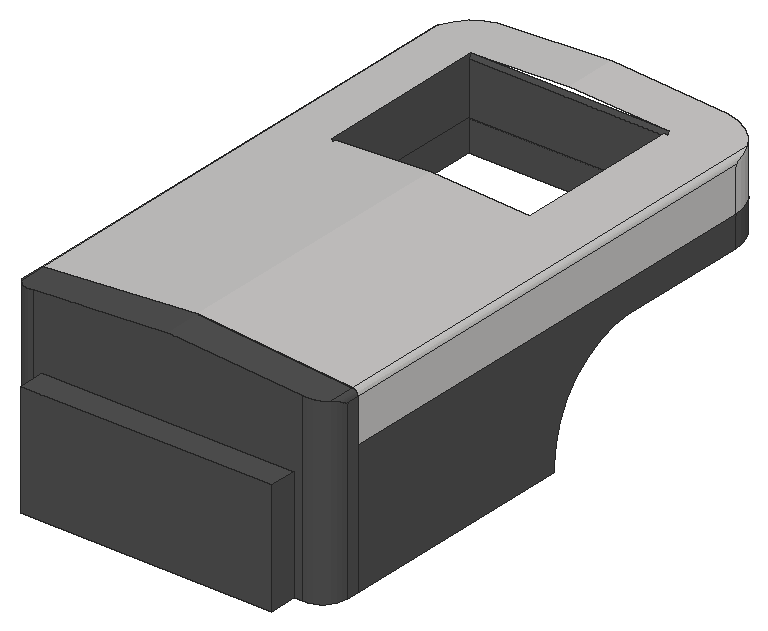
Revit family
Parameters
  offset [instance] = 0' - 0"
  Wattage = 1200 W
  Warranty Duration (Years) = 0
  Voltage_MEP = 120 V
  Unit Width = 1' - 0 11/16"
  Unit Weight = 19.8
  Unit Height = 1' - 10 1/16"
  Unit Depth = 0' - 7 11/16"
  URL = "http://www.americanspecialties.com/viewCategory.cfm?categoryID=19"
  Specification = "http://www.arcat.com/sdspecs/htm/10811asi.htm"
  SpecWizard = ""
  Sound Pressure = "65 to 69.8 dB-A"
  Send Message = "http://www.arcat.com/users.pl?action=UserEmail&company=American%20Specialties,%20Inc.&coid=30448&rep=139&fax=914-476-0688&mf="
  Sales Information = "http://www.americanspecialties.com/contact"
  Revision = "R1_08-2010"
  Product Properties = "http://www.arcat.com/bim/bim_info.pl?fn=AmericanSpecialties"
  Product Data = "http://www.arcat.com/arcatcos/cos30/arc30448.html"
  Motor RPM = 20000
  Motor HP = 1
  Model = "As Specified in Section 10 28 00"
  Manufacturer Website = "http://www.americanspecialties.com"
  Manufacturer Phone - Toll Free = ""
  Manufacturer Phone = "914-476-9000 "
  Manufacturer Fax = "914-476-0688"
  Manufacturer Address = "441 Saw Mill River Rd., Yonkers, NY 10701"
  Manufacturer = "American Specialties, Inc."
  Maintenance Schedule (Months) = 0
  MEP Apparent Power = Voltage_MEP * MEP Amperage  # 1200 VA
  MEP Amperage = 10 A
  Keynote = "10 28 00"
  Installation-Fabrication = "http://www.americanspecialties.com/products.cfm"
  Installation Phase = ""
  Green Building-LEED = "http://www.arcat.com/green/clients/leed_data_30448.html"
  Frequency = 0 Hz
  Expected Lifespan (Years) = 0
  Dry Time = "12 seconds"
  Drawn By = "Sumex Design, Inc. / Robert S. Weygant, CSI, CDT, SCIP"
  Description = "Profile Surface Mounted Hand Dryer as Specified in Section 10  28 00"
  Default Elevation = 4' - 0"
  Cover Material = ASI - ABS - Satin Stainless Steel
  Copyright = "©Arcat Inc."
  Construction Details = "http://www.americanspecialties.com/products.cfm"
  Building Code Conformance = "ADA with proper height AFF"
  Available LEED Credit = "as Specified in Section 10 28 00"
  Assembly Code = "C1030210"
  Air Temperature = "122 F at 70 F ambient room temperature"
  Accent Material = ASI - ABS - Black
Reference planes (in)
  plane 1 "Center (Front/Back)": y = 0
  plane 2 "Wall Surface": z = 0
  plane 3 "Center (Left/Right)": x = 0
  plane 4 "Base": y = -11.03125
  plane 5 "Top": y = 11.03125
  plane 6 "Left": x = -6.34375
  plane 7 "Right": x = 6.34375
  plane 8 "Projection": z = 7.6875
Forms (in)
  Extrusion 1, solid, material "ASI - ABS - Black" <- "Accent Material"
    sketch origin (0, 0.85733, 0) x (0, 1, 0) y (0, 0, 1)
      loop
        line (-10.38858, 5.25) -> (-10.38858, 0) -> (-0.63858, 0) -> (-0.63858, 0.25)
        arc (-0.63858, 0.25) -> (0.45977, 2.90165) -> (3.11142, 4) r 3.75
        line (3.11142, 4) -> (10.17392, 4) -> (10.17392, 5.25) -> (-10.38858, 5.25)
    from -6.34375 to 6.34375
  Extrusion 2, void
    sketch origin (0, 0.85733, 0) x (1, 0, 0) y (0, 1, 0)
      loop
        line (-6.34375, 10.17392) -> (-6.34375, 8.42392)
        arc (-6.34375, 8.42392) -> (-5.83119, 9.66135) -> (-4.59375, 10.17392) r 1.75
        line (-4.59375, 10.17392) -> (-6.34375, 10.17392)
      loop
        line (6.34375, 10.17392) -> (4.59375, 10.17392)
        arc (4.59375, 10.17392) -> (5.83119, 9.66135) -> (6.34375, 8.42392) r 1.75
        line (6.34375, 8.42392) -> (6.34375, 10.17392)
      loop
        line (-6.34375, -11.88858) -> (-5.34375, -11.88858)
        arc (-5.34375, -11.88858) -> (-6.05086, -11.59569) -> (-6.34375, -10.88858) r 1
        line (-6.34375, -10.88858) -> (-6.34375, -11.88858)
      loop
        line (6.34375, -11.88858) -> (6.34375, -10.88858)
        arc (6.34375, -10.88858) -> (6.05086, -11.59569) -> (5.34375, -11.88858) r 1
        line (5.34375, -11.88858) -> (6.34375, -11.88858)
    from 0 to 9.09522
  Extrusion 3, void
    sketch origin (0, 0, 0) x (1, 0, 0) y (0, 0, 1)
      loop
        arc (-6.34375, 6.97346) -> (-6.28344, 7.1363) -> (-6.13161, 7.22057) r 0.25
        arc (-6.13161, 7.22057) -> (0, 7.6875) -> (6.13161, 7.22057) r 40.49316
        arc (6.13161, 7.22057) -> (6.28344, 7.1363) -> (6.34375, 6.97346) r 0.25
        line (6.34375, 6.97346) -> (6.34375, 7.97346) -> (-6.34375, 7.97346) -> (-6.34375, 6.97346)
    from -11.03125 to 11.03125
  Extrusion 4, solid, material "ASI - ABS - Black" <- "Accent Material"
    sketch origin (-13.59902, -11.03125, 48) x (-1, 0, 0) y (0, 0, 1)
      loop
        line (-18.59902, -48) -> (-8.59902, -48) -> (-8.59902, -43.5) -> (-18.59902, -43.5) -> (-18.59902, -48)
    from 0 to -1.09375
  Extrusion 5, void
    sketch origin (0, 0, 0) x (0, 1, 0) y (0, 0, 1)
      loop
        line (2.125, 7.33762) -> (2.125, 2.5) -> (8.84375, 2.5) -> (8.84375, 7.33762) -> (9.24993, 8.04115) -> (1.71882, 8.04115) -> (2.125, 7.33762)
    from 3.9375 to -3.9375
  Extrusion 6, solid, material "ASI - ABS - Black" <- "Accent Material"
    sketch origin (0, 0, 0) x (0, 1, 0) y (0, 0, 1)
      loop
        line (-11.03125, 0) -> (-9.53125, 0) -> (-9.53125, 7.6875) -> (-11.03125, 7.6875) -> (-11.03125, 0)
    from -6.34375 to 6.34375
  Extrusion 7, solid, material "ASI - ABS - Satin Stainless Steel" <- "Cover Material"
    sketch origin (0, 0, 0) x (0, 1, 0) y (0, 0, 1)
      loop
        line (11.03125, 5.25) -> (11.03125, 7.6875) -> (-9.53125, 7.6875) -> (-9.53125, 5.25) -> (11.03125, 5.25)
    from -6.34375 to 6.34375
Cuts and joins
  Extrusion 2, Extrusion 3, Extrusion 5 cuts Extrusion 1
  Extrusion 5 cuts Extrusion 4
  joined: Extrusion 1, Extrusion 4
  Extrusion 2, Extrusion 3 cuts Extrusion 6
  Extrusion 2, Extrusion 3, Extrusion 5 cuts Extrusion 7
Dimensions and locks (in)
  "Unit Width": plane 6 "Left" to plane 7 "Right"
  "Unit Height": plane 5 "Top" to plane 4 "Base"
  "Unit Depth": plane 8 "Projection" to level
  aligned and locked: plane 5 "Top" to Extrusion 3
  aligned and locked: Extrusion 3 to plane 4 "Base"
Automatic sketch dimensions
  Extrusion 2 sketch curve to plane 6 "Left" = 0' - 0"  (x2)
  Extrusion 2 sketch curve to plane 4 "Base" = 0' - 0"  (x2)
  Extrusion 2 sketch curve to plane 5 "Top" = 0' - 0"  (x2)
  Extrusion 2 sketch curve to plane 7 "Right" = 0' - 0"  (x2)
  plane 6 "Left" to Extrusion 2 sketch curve = 0' - 1"
  Extrusion 2 sketch curve to plane 5 "Top" = 0' - 1 3/4"
  Extrusion 2 sketch curve to Extrusion 2 sketch curve = 0' - 1 3/4"
  Extrusion 2 sketch curve to Extrusion 2 sketch curve = 0' - 1"
  Extrusion 3 sketch curve to plane 6 "Left" = 0' - 0"
  Extrusion 3 sketch curve to plane 3 "Center (Left/Right)" = 0' - 0"
  Extrusion 3 sketch curve to plane 7 "Right" = 0' - 0"
  plane 6 "Left" to Extrusion 3 sketch curve = 0' - 0.21214"
  Extrusion 3 sketch curve to Extrusion 3 sketch curve = 0' - 0"
  plane 6 "Left" to Extrusion 3 sketch curve = 0' - 0 1/4"
  Extrusion 3 sketch curve to Extrusion 3 sketch curve = 0' - 0 1/4"
  Extrusion 3 sketch curve to plane 7 "Right" = 0' - 0.21214"
  Extrusion 3 sketch curve to level = 2' - 8.80566"
  plane 8 "Projection" to Extrusion 3 sketch curve = 0' - 0.28596"
  Extrusion 4 sketch curve to level = 0' - 0"
  Extrusion 4 sketch curve to plane 7 "Right" = 0' - 1 11/32"
  plane 6 "Left" to Extrusion 4 sketch curve = 0' - 1 11/32"
  Extrusion 4 sketch curve to plane 8 "Projection" = 0' - 3 3/16"
  plane 8 "Projection" to Extrusion 5 sketch curve = 0' - 0.35365"
  Extrusion 5 sketch curve to plane 1 "Center (Front/Back)" = 0' - 1.71882"
  Extrusion 5 sketch curve to plane 1 "Center (Front/Back)" = 0' - 2 1/8"
  Extrusion 5 sketch curve to plane 8 "Projection" = 0' - 0.34988"  (x2)
  Extrusion 5 sketch curve to plane 5 "Top" = 0' - 2 3/16"
  Extrusion 5 sketch curve to Extrusion 5 sketch curve = 0' - 0.40618"
  level to Extrusion 5 sketch curve = 0' - 2 1/2"
  Extrusion 6 sketch curve to plane 4 "Base" = 0' - 0"
  Extrusion 6 sketch curve to level = 0' - 0"
  Extrusion 6 sketch curve to plane 8 "Projection" = 0' - 0"
  plane 4 "Base" to Extrusion 6 sketch curve = 0' - 1 1/2"
  Extrusion 7 sketch curve to plane 5 "Top" = 0' - 0"
  Extrusion 7 sketch curve to plane 8 "Projection" = 0' - 0"
  plane 4 "Base" to Extrusion 7 sketch curve = 0' - 1 1/2"
  Extrusion 7 sketch curve to plane 8 "Projection" = 0' - 2 7/16"
  Extrusion 1 sketch curve to level = 0' - 0"
  Extrusion 1 sketch curve to plane 5 "Top" = 0' - 0"
  Extrusion 1 sketch curve to plane 1 "Center (Front/Back)" = 0' - 3 31/32"
  Extrusion 1 sketch curve to plane 1 "Center (Front/Back)" = 0' - 0 7/32"
  plane 4 "Base" to Extrusion 1 sketch curve = 0' - 1 1/2"
  Extrusion 1 sketch curve to Extrusion 1 sketch curve = 0' - 0 1/4"
  Extrusion 1 sketch curve to Extrusion 1 sketch curve = 0' - 1 1/4"
Connectors (in)
  electrical at (0, 3.21646, 0), driven by "Voltage_MEP", driven by "MEP Apparent Power"
    settings: on cut or joined group of Extrusion 1, Extrusion 2, Extrusion 3, Extrusion 4, Extrusion 5, index 1
